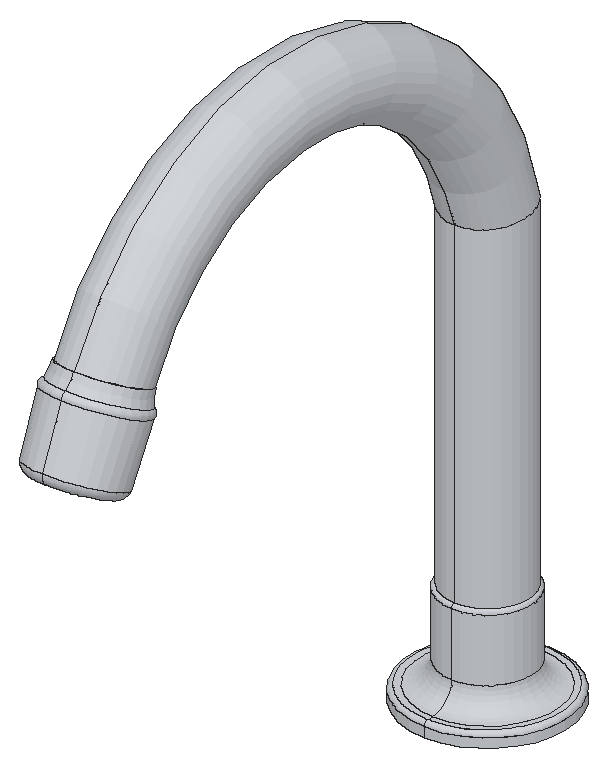
Revit family "II-BR06-11-BRAZO ARCO MÓVIL LAVAMANOS", category Plumbing Fixtures, host Face, Revit 2018
Family settings
  Host = Face
  Round Connector Dimension = Use Diameter
  Part Type = Normal
  OmniClass Number = 23.31.11.00
  Cut with Voids When Loaded = No
  Shared = No
  Room Calculation Point = No
Parameters (values of type "II-BR06-11")
  Waste Water Outlet = ""
  Waste Connection = 1 = 0  # no
  Vent Connection = 1 = 0  # no
  URL = "https://www.gricol.com/"
  Type Image = FOTO BRAZO ARCO MÓVIL LAVAMANOS.JPG
  Product Name = "BRAZO ARCO MÓVIL LAVAMANOS"  # constant formula
  Plastico ABS Cromado = Metal Laton Cromado
  Model = "II-BR06-11"  # constant formula
  Manufacturer = "Gricol"  # constant formula
  Link Ficha Tecnica = "https://infotecnica.gricol.com/FT_II-BR06-11.pdf"
  HW Connection = 1 = 1  # yes
  Profundidad = 144.70 mm
  Description = "Brazo Griferia Lavamanos"  # constant formula
  Default Elevation = 0.00 mm
  Date Modified = ""
  Date Created = "05/28/2020"  # constant formula
  Copyright = "All rights reserved © Gricol - 2020."  # constant formula
  CW Connection = 1 = 1  # yes
  Assembly Code = ""
  Ancho = 54.00 mm
  Alto = 168.00 mm
Reference planes
  plane 1 "Center (Front/Back)": y = 10.937
  plane 2: z = 0
  plane 3 "Center (Left/Right)": x = 0
  plane 4: z = 168
  plane 5: y = -133.763
  plane 6: x = 19.154
  plane 7: x = -19.154
  plane 8: z = 25.5
Dimensions and locks
  "Alto": plane 4 to level
  "Profundidad": plane 1 "Center (Front/Back)" to plane 5
  plane 4 to level = 168.00 mm
  plane 6 to plane 7 = 38.308 mm
  plane 4 to plane 8 to level = 142.50 mm, 25.50 mm
  equal spacing: plane 6, plane 3 "Center (Left/Right)", plane 7
  plane 5 to plane 1 "Center (Front/Back)" = 144.70 mm
  aligned and locked: plane 2 to host face
  aligned and locked: level to host face
Automatic sketch dimensions
  host sketch curve to host sketch curve = 221.455 mm
  host sketch curve to host sketch curve = 297.197 mm
Nested families
  nested 1: "BRAZO ARCO MÓVIL LAVAMANOS" at (0, 0, 0), type "BRAZO ARCO MÓVIL LAVAMANOS"
Connectors
  piping at (0, 0.937, 0), diameter 12.7
    settings: on nested 1, index 1, connector inside diameter 24", connector length 0.00 mm, flow factor 0, pipe flow 0 GPM, pressure drop 0.00 psi, fitting loss kfactor 0, connector angle 0.00°, fixture units 0, engagement length 0.00 mm, angle of deflection 0.00°, flow configuration 0, flow direction 0, fitting loss method 0, system type 7, joint type 0, gender type 0, connector reference index -1, connector utility 0, adjustable connector no, is connector primary yes, connector description ""
Definition of nested family "BRAZO ARCO MÓVIL LAVAMANOS"
  Parameters (values of type "BRAZO ARCO MÓVIL LAVAMANOS")
    Metal Laton Cromado = none
    Material = none
  Reference planes
    plane 1 "Center (Front/Back)": y = 0
    plane 2: z = 0
    plane 3 "Center (Left/Right)": x = 0
    plane 4 "Manija 6": x = 67.12
    plane 5 "Manija 8": x = 53.74
    plane 6 "Manija 9": x = -25.018
    plane 7 "Manija 10": x = 24.982
    plane 8: y = -133.761
    plane 9: y = 10.939
    plane 10: z = 25.5
    plane 11: z = 168
  Forms (mm)
    Sweep 1, solid, material <- "Metal Laton Cromado"
      path origin (0, 0.937, -82.91) x (0, -1, 0) y (0, 0, -1)
        loop
          arc (116.588, -205.312) -> (53.484, -240.522) -> (0, -191.929) r 61.904
          line (0, -191.929) -> (0, -87.707)
      profile origin (0, 0.937, 56.908) x (1, 0, 0) y (0, 1, 0)
        loop
          circle (0, 0) r 10
    Revolve 2, solid, material <- "Metal Laton Cromado"
      sketch origin (0, -46.628, -219.349) x (0, 0.916432, -0.40019) y (0, 0.40019, 0.916432)
        loop
          line (-200.306, 285.577) -> (-200.857, 265.097) -> (-194.414, 264.923) -> (-194.333, 266.233) -> (-192.086, 266.094) -> (-192.295, 262.721)
          arc (-192.295, 262.721) -> (-190.707, 263.335) -> (-189.841, 264.8) r 2.594
          line (-189.841, 264.8) -> (-188.933, 279.465)
          arc (-188.933, 279.465) -> (-188.833, 280.55) -> (-189.532, 281.386) r 1.419
          arc (-189.532, 281.386) -> (-190.002, 283.317) -> (-190.085, 285.302) r 10.11
          line (-190.085, 285.302) -> (-200.306, 285.577)
        axis (-200.306, 285.577) -> (-200.915, 262.953)
      angle from 0 to 360
    Revolve 3, solid, material <- "Metal Laton Cromado"
      sketch origin (0, 0.938, 0) x (0, 1, 0) y (0, 0, 1)
        loop
          line (0, 25.5) -> (-9.766, 25.5)
          arc (-9.766, 25.5) -> (-10.534, 25.182) -> (-10.852, 24.414) r 1.086
          line (-10.852, 24.414) -> (-10.852, 9.086)
          arc (-10.852, 9.086) -> (-12.506, 5.092) -> (-16.5, 3.437) r 5.649
          line (-16.5, 3.437) -> (-18.022, 3.437)
          arc (-18.022, 3.437) -> (-18.818, 3.108) -> (-19.148, 2.312) r 1.126
          line (-19.148, 2.312) -> (-19.148, 0) -> (0, 0) -> (0, 25.5)
        axis (0, 0) -> (0, 25.5)
      angle from 0 to 360
  Dimensions and locks
    plane 4 "Manija 6" to plane 3 "Center (Left/Right)" = 67.12 mm  (x2)
    plane 8 to plane 9 = 144.70 mm
    plane 11 to plane 10 to level = 142.50 mm, 25.50 mm
    aligned and locked: plane 2 to level
